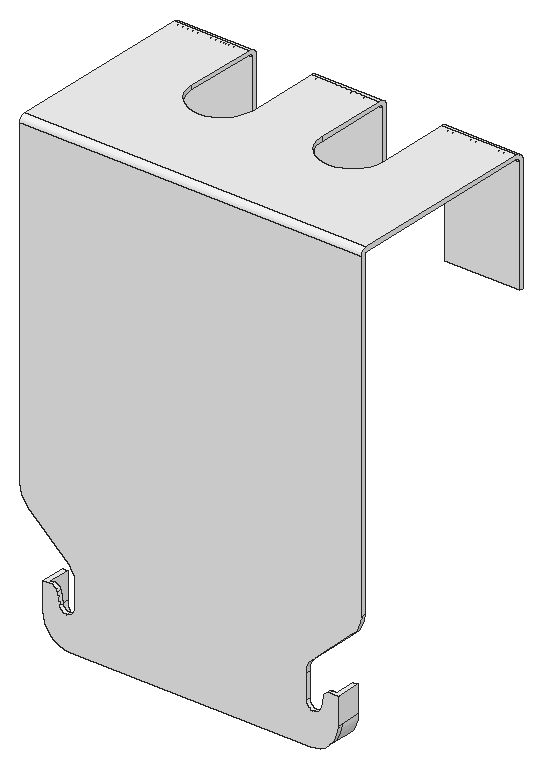
Revit family "特殊65mmWクリップ", category 機械設備, Revit 2020
Family settings
  丸型コネクタ寸法 = 直径を使用
  種別 = なし
  パーツ タイプ = 標準
  作業面ベース = いいえ
  常に垂直 = はい
  ロード時にボイドで切り取り = いいえ
  共有 = いいえ
  部屋計算ポイント = いいえ
Parameters
  製造元 = "株式会社桐井製作所"
  既定の高さ = 0 mm
  URL = "https://www.kirii.co.jp/"
  K_品名 = "特殊65mmWクリップ"
  K_名称 = "特殊クリップ"
  K_入数 = "300"
  K_バージョン情報 = "20211012"
Reference planes
  plane 1 "中心(正面/背面)": y = 0
  plane 2: z = 0
  plane 3 "中心(左/右)": x = 0
Forms (mm)
  Extrusion 1, solid
    sketch origin (0, 30, 0) x (0, 1, 0) y (0, 0, 1)
      loop
        line (-30, 0) -> (-29.4, -0.6) -> (-29.4, 73.9) -> (1.25, 73.9)
        arc (1.25, 73.9) -> (1.71, 73.71) -> (1.9, 73.25) r 0.65
        line (1.9, 73.25) -> (1.9, 54.15) -> (2.5, 54.75) -> (2.5, 73.25)
        arc (2.5, 73.25) -> (2.134, 74.134) -> (1.25, 74.5) r 1.25
        line (1.25, 74.5) -> (-29, 74.5)
        arc (-29, 74.5) -> (-29.707, 74.207) -> (-30, 73.5) r 1
        line (-30, 73.5) -> (-30, 0)
    from -27.5 to 27.5
  Extrusion 2, void
    sketch origin (0, 0, 0) x (1, 0, 0) y (0, 0, 1)
      loop
        line (-27.5, 21.576) -> (-27.5, 0) -> (-19.3, 0)
        arc (-19.3, 0) -> (-22.482, 1.318) -> (-23.8, 4.5) r 4.5
        line (-23.8, 4.5) -> (-23.8, 8.8) -> (-22.426, 8.8)
        arc (-22.426, 8.8) -> (-21.789, 8.571) -> (-21.444, 7.989) r 1
        line (-21.444, 7.989) -> (-21.1, 6.2)
        arc (-21.1, 6.2) -> (-20.65, 5.55) -> (-19.9, 5.3) r 1.25
        arc (-19.9, 5.3) -> (-19.016, 5.666) -> (-18.65, 6.55) r 1.25
        line (-18.65, 6.55) -> (-18.65, 10.467)
        arc (-18.65, 10.467) -> (-18.908, 11.685) -> (-19.638, 12.693) r 3
        line (-19.638, 12.693) -> (-26.182, 18.609)
        arc (-26.182, 18.609) -> (-27.156, 19.953) -> (-27.5, 21.576) r 4
      loop
        arc (27.5, 21.576) -> (27.156, 19.953) -> (26.182, 18.609) r 4
        line (26.182, 18.609) -> (19.638, 12.693)
        arc (19.638, 12.693) -> (18.908, 11.685) -> (18.65, 10.467) r 3
        line (18.65, 10.467) -> (18.65, 6.55)
        arc (18.65, 6.55) -> (19.016, 5.666) -> (19.9, 5.3) r 1.25
        arc (19.9, 5.3) -> (20.65, 5.55) -> (21.1, 6.2) r 1.25
        line (21.1, 6.2) -> (21.444, 7.989)
        arc (21.444, 7.989) -> (21.789, 8.571) -> (22.426, 8.8) r 1
        line (22.426, 8.8) -> (23.8, 8.8) -> (23.8, 4.5)
        arc (23.8, 4.5) -> (22.482, 1.318) -> (19.3, 0) r 4.5
        line (19.3, 0) -> (27.5, 0) -> (27.5, 21.576)
    from -0.6 to 0.213
  Extrusion 3, void
    sketch origin (0, -0.6, -0.8) x (0, 1, 0) y (0, 0, 1)
      loop
        line (0.387, 0.8) -> (0.387, -0.064) -> (1.428, -0.064) -> (1.428, 0.8) -> (0.387, 0.8)
    from -27.5 to 27.5
  Extrusion 4, void
    sketch origin (0, 15.62, 34.954) x (0, 1, 0) y (0, 0, 1)
      loop
        line (15.7, 19.745) -> (15.7, 18.89) -> (16.88, 18.89) -> (16.88, 19.745) -> (15.7, 19.745)
    from -27.5 to 27.5
  Extrusion 5, void
    sketch origin (0, 0, 0) x (1, 0, 0) y (0, 1, 0)
      loop
        line (-15.5, 32.5) -> (-15.5, 19.508)
        arc (-15.5, 19.508) -> (-10.5, 14.508) -> (-5.5, 19.508) r 5
        line (-5.5, 19.508) -> (-5.5, 32.5) -> (-15.5, 32.5)
      loop
        line (5.5, 32.5) -> (5.5, 19.477)
        arc (5.5, 19.477) -> (10.5, 14.477) -> (15.5, 19.477) r 5
        line (15.5, 19.477) -> (15.5, 32.5) -> (5.5, 32.5)
    from 54.7 to 74.5
  Extrusion 6, solid
    sketch origin (0, 0, 0) x (1, 0, 0) y (0, 0, 1)
      loop
        line (23.8, 8.8) -> (23, 8.8) -> (23, 4.5)
        arc (23, 4.5) -> (21.916, 1.884) -> (19.3, 0.8) r 3.7
        line (19.3, 0.8) -> (-19.3, 0.8)
        arc (-19.3, 0.8) -> (-21.916, 1.884) -> (-23, 4.5) r 3.7
        line (-23, 4.5) -> (-23, 8.8) -> (-23.8, 8.8) -> (-23.8, 4.5)
        arc (-23.8, 4.5) -> (-22.482, 1.318) -> (-19.3, 0) r 4.5
        line (-19.3, 0) -> (19.3, 0)
        arc (19.3, 0) -> (22.482, 1.318) -> (23.8, 4.5) r 4.5
        line (23.8, 4.5) -> (23.8, 8.8)
    from -4 to -0.6
Cuts and joins
  Extrusion 2, Extrusion 3, Extrusion 4, Extrusion 5 cuts Extrusion 1
  joined: Extrusion 1, Extrusion 6
Dimensions and locks
  aligned and locked: level to plane 2
Automatic sketch dimensions
  Extrusion 1 sketch curve to Extrusion 1 sketch curve = 0 mm  (x3)
  Extrusion 1 sketch curve to plane 1 "中心(正面/背面)" = 0 mm
  Extrusion 1 sketch curve to level = 0 mm
  Extrusion 1 sketch curve to plane 1 "中心(正面/背面)" = 0.6 mm
  Extrusion 1 sketch curve to Extrusion 1 sketch curve = 0.4 mm
  Extrusion 1 sketch curve to Extrusion 1 sketch curve = 30.25 mm
  Extrusion 1 sketch curve to Extrusion 1 sketch curve = 0.65 mm
  Extrusion 1 sketch curve to Extrusion 1 sketch curve = 0.6 mm  (x2)
  Extrusion 1 sketch curve to level = 0.6 mm
  level to Extrusion 1 sketch curve = 54.15 mm
  Extrusion 1 sketch curve to Extrusion 1 sketch curve = 18.5 mm
  Extrusion 2 sketch curve to Extrusion 2 sketch curve = 0 mm  (x4)
  Extrusion 2 sketch curve to level = 0 mm  (x2)
  Extrusion 2 sketch curve to plane 3 "中心(左/右)" = 27.5 mm
  level to Extrusion 2 sketch curve = 18.609 mm
  Extrusion 2 sketch curve to Extrusion 2 sketch curve = 1.318 mm
  Extrusion 2 sketch curve to Extrusion 2 sketch curve = 3.7 mm  (x2)
  Extrusion 2 sketch curve to Extrusion 2 sketch curve = 2.682 mm  (x2)
  Extrusion 2 sketch curve to Extrusion 2 sketch curve = 1.374 mm  (x2)
  Extrusion 2 sketch curve to Extrusion 2 sketch curve = 0.776 mm
  level to Extrusion 2 sketch curve = 7.989 mm  (x2)
  Extrusion 2 sketch curve to Extrusion 2 sketch curve = 0.982 mm  (x2)
  level to Extrusion 2 sketch curve = 6.2 mm  (x2)
  Extrusion 2 sketch curve to Extrusion 2 sketch curve = 0.344 mm  (x2)
  Extrusion 2 sketch curve to Extrusion 2 sketch curve = 1.2 mm  (x2)
  level to Extrusion 2 sketch curve = 12.693 mm  (x2)
  Extrusion 2 sketch curve to Extrusion 2 sketch curve = 2.012 mm
  Extrusion 2 sketch curve to Extrusion 2 sketch curve = 0.6 mm
  Extrusion 2 sketch curve to Extrusion 2 sketch curve = 1.25 mm  (x2)
  plane 3 "中心(左/右)" to Extrusion 2 sketch curve = 18.65 mm
  Extrusion 2 sketch curve to Extrusion 2 sketch curve = 0.65 mm
  Extrusion 2 sketch curve to Extrusion 2 sketch curve = 0.988 mm
  Extrusion 2 sketch curve to Extrusion 2 sketch curve = 0.206 mm
  Extrusion 2 sketch curve to Extrusion 2 sketch curve = 3.862 mm
  Extrusion 2 sketch curve to Extrusion 2 sketch curve = 0.189 mm  (x2)
  Extrusion 2 sketch curve to Extrusion 2 sketch curve = 5.916 mm
  Extrusion 3 sketch curve to level = 0 mm
  plane 1 "中心(正面/背面)" to Extrusion 3 sketch curve = 0.213 mm
  Extrusion 3 sketch curve to plane 1 "中心(正面/背面)" = 0.828 mm
  Extrusion 3 sketch curve to level = 0.865 mm
  Extrusion 4 sketch curve to plane 1 "中心(正面/背面)" = 31.321 mm
  Extrusion 4 sketch curve to Extrusion 4 sketch curve = 1.179 mm
  level to Extrusion 4 sketch curve = 53.844 mm
  Extrusion 4 sketch curve to Extrusion 4 sketch curve = 0.856 mm
  Extrusion 6 sketch curve to Extrusion 6 sketch curve = 0 mm  (x4)
  Extrusion 6 sketch curve to level = 0 mm
  level to Extrusion 6 sketch curve = 8.8 mm
  Extrusion 6 sketch curve to plane 3 "中心(左/右)" = 23.8 mm
  Extrusion 6 sketch curve to Extrusion 6 sketch curve = 0.8 mm
  Extrusion 6 sketch curve to Extrusion 6 sketch curve = 3.7 mm  (x2)
  plane 3 "中心(左/右)" to Extrusion 6 sketch curve = 19.3 mm
  Extrusion 6 sketch curve to Extrusion 6 sketch curve = 4.3 mm
  Extrusion 5 sketch curve to plane 3 "中心(左/右)" = 15.5 mm
  Extrusion 5 sketch curve to Extrusion 5 sketch curve = 5 mm  (x2)
  plane 3 "中心(左/右)" to Extrusion 5 sketch curve = 5.5 mm
  Extrusion 5 sketch curve to plane 1 "中心(正面/背面)" = 19.477 mm
  Extrusion 5 sketch curve to plane 1 "中心(正面/背面)" = 19.508 mm
  Extrusion 5 sketch curve to Extrusion 5 sketch curve = 12.992 mm
  Extrusion 5 sketch curve to Extrusion 5 sketch curve = 13.023 mm
